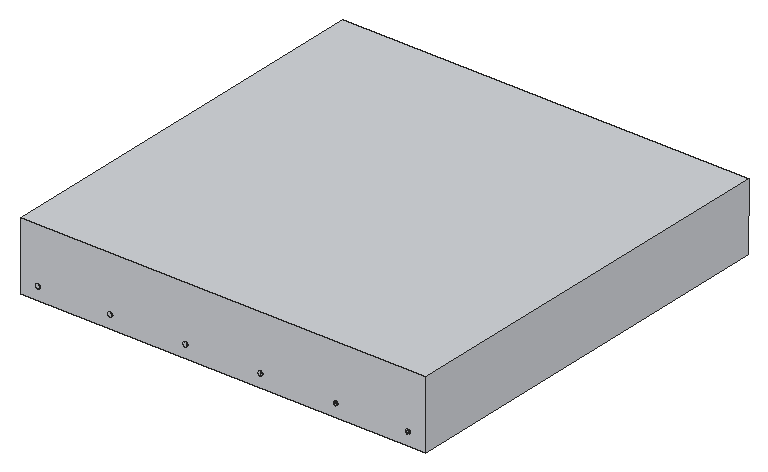
Revit family "cbb5a3caf5bf4e3bb1de271d0d305117", category Generic Models, Revit 2021
Family settings
  Can host rebar = No
  Round Connector Dimension = Use Diameter
  Part Type = Normal
  Work Plane-Based = No
  Always vertical = Yes
  Cut with Voids When Loaded = Yes
  Shared = No
  Room Calculation Point = No
Parameters (values of type "Default")
  Valid widths = "[18-21][25.5-28.5][32.75-35.75][40-43]"
  Default Elevation = 0' - 0"
  CNC Pattern Tag [instance] = ""
Reference planes (in)
  plane 1 "Center (Front/Back)": y = 0
  plane 2: z = 0
  plane 3 "Center (Left/Right)": x = 0
  plane 4 "Center": z = 3.93701
Forms (in)
  Extrusion 1, solid
    sketch origin (0.63091, 0, -3.81102) x (1, 0, 0) y (0, 0, 1)
      loop
        line (-0.63091, 3.81102) -> (47.24409, 3.81102) -> (47.24409, 11.81102) -> (-0.63091, 11.81102) -> (-0.63091, 3.81102)
    from 0 to 47.70285
  Extrusion 2, solid
    sketch origin (-32.91403, -47.70285, -2.9434) x (1, 0, 0) y (0, 0, 1)
      loop
        circle (34.97653, 4.4434) r 0.25
    from -47.70285 to 0
  Extrusion 3, solid
    sketch origin (-24.35153, -47.70285, -2.9434) x (1, 0, 0) y (0, 0, 1)
      loop
        circle (34.97653, 4.4434) r 0.25
    from -47.70285 to 0
  Extrusion 4, solid
    sketch origin (-15.47653, -47.70285, -2.9434) x (1, 0, 0) y (0, 0, 1)
      loop
        circle (34.97653, 4.4434) r 0.25
    from -47.70285 to 0
  Extrusion 5, solid
    sketch origin (-6.60153, -47.70285, -2.9434) x (1, 0, 0) y (0, 0, 1)
      loop
        circle (34.97653, 4.4434) r 0.25
    from -47.70285 to 0
  Extrusion 6, solid
    sketch origin (2.27347, -47.70285, -2.9434) x (1, 0, 0) y (0, 0, 1)
      loop
        circle (34.97653, 4.4434) r 0.25
    from -47.70285 to 0
  Extrusion 7, solid
    sketch origin (10.83597, -47.70285, -2.9434) x (1, 0, 0) y (0, 0, 1)
      loop
        circle (34.97653, 4.4434) r 0.25
    from -47.70285 to 0
Dimensions and locks (in)
  aligned and locked: level to plane 2
Nested families (in)
  nested 1: "Round void" at (6.1875, 0, 8), type "HWC 5 5/8''"
    with Position from Top 0' - 4", Length of Instance 4' - 0"
  nested 2: "Round void" at (15.0625, 0, 8), type "HWC 5 5/8''"
    with Position from Top 0' - 4", Length of Instance 4' - 0"
  nested 3: "Round void" at (23.9375, 0, 8), type "HWC 5 5/8''"
    with Position from Top 0' - 4", Length of Instance 4' - 0"
  nested 4: "Round void" at (32.8125, 0, 8), type "HWC 5 5/8''"
    with Position from Top 0' - 4", Length of Instance 4' - 0"
  nested 5: "Round void" at (41.6875, 0, 8), type "HWC 5 5/8''"
    with Position from Top 0' - 4", Length of Instance 4' - 0"
Definition of nested family "Round void"
  Parameters (values of type "HWC 5 5/8''")
    Radius = 0' - 2 13/16"
    Position from Top [instance] = 0' - 4"
    Length of Instance [instance] = 4' - 0"
    Is Hole = yes
    Default Elevation = -0' - 1 5/8"
  Reference planes (in)
    plane 1 "Center ( Front/Back)": y = 0
    plane 2 "Bottom": z = 0
    plane 3 "Center (Left/Right)": x = 0
    plane 4 "Left": x = 0
    plane 5: z = -4
  Forms (in)
    Extrusion 1, solid
      sketch origin (-3.14961, 0, 0) x (1, 0, 0) y (0, 1, 0)
        loop
          line (-48.0315, 25) -> (-48.0315, -48) -> (48, -48) -> (48, 25) -> (-48.0315, 25)
      from 0 to -8
    Extrusion 2, void
      sketch origin (-0.7874, 0, -0.09843) x (1, 0, 0) y (0, 0, 1)
        loop
          circle (0.7874, -3.90157) r 2.8125
      from 0 to 48 <- "Length of Instance"
  Dimensions and locks (in)
    "Position from Top": plane 5 to plane 2 "Bottom"
    "Radius": radius of Extrusion 2 sketch curve
    aligned and locked: plane 2 "Bottom" to Extrusion 1
    aligned and locked: level to Extrusion 1
    aligned and locked: plane 5 to Extrusion 2 sketch curve
    aligned and locked: plane 4 "Left" to Extrusion 2 sketch curve
  Automatic sketch dimensions
    Extrusion 1 sketch curve to Extrusion 1 sketch curve = 8' - 0.0315"
    Extrusion 1 sketch curve to Extrusion 1 sketch curve = 6' - 1"
